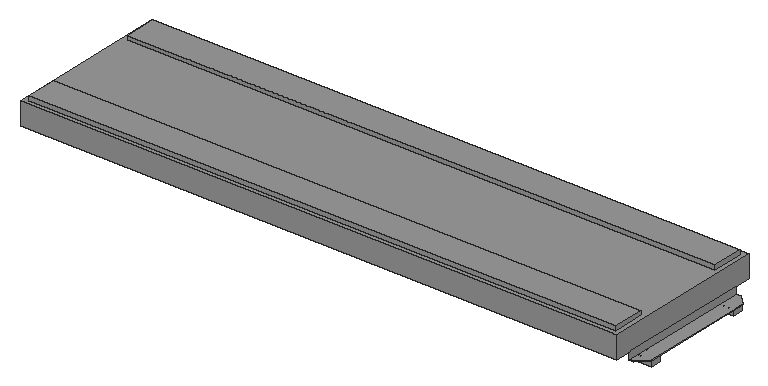
Revit family "44060", category Lighting Fixtures, host Face, Revit 2018
Family settings
  Host = Face
  Round Connector Dimension = Use Diameter
  Part Type = Normal
  OmniClass Number = 23.80.70.00
  OmniClass Title = Lighting
  Cut with Voids When Loaded = No
  Light Source = Yes
  Shared = No
  Room Calculation Point = No
Parameters (values of type "0044060 SPORTSBAY DALI 12KLM 840")
  box length = 1160 mm
  Width = 320 mm
  Weight = "n/a"
  Wattage Comments = ""
  Wattage = 9.2903 W
  WarrantyStartDate [instance] = "n/a"
  WarrantyGuarantorParts = "n/a"
  WarrantyDurationUnit = "n/a"
  WarrantyDurationParts = ""
  WarrantyDescription = "http://www.sylvania-lighting.com"
  built-in parameter 1150110 = 1 (stored number, unit not read)
  Voltage = 0 V
  URL = "0.98"
  TypeName = "Sportsbay Dali 12klm 840"
  Type Image = <None>
  Type Comments = "n/a"
  built-in parameter 1114217 = 1 (stored number, unit not read)
  Tilt Angle = -90.00°
  built-in parameter 1150109 = 1 (stored number, unit not read)
  built-in parameter 1150134 = 3
  built-in parameter 1150113 = 1 (stored number, unit not read)
  SerialNumber [instance] = "n/a"
  Photometric Web File = "0044060.IES"
  Material_3_SYL = none
  PowerFactor = 0
  PowerConsumption = "Lighting"
  NominalLength = 320 mm
  NominalHeight = 76 mm
  NominalDepth = 320 mm
  Name = "Sportsbay Dali 12klm 840"
  ModelReference = Name  # "Sportsbay Dali 12klm 840"
  ModelNumber = "0044060"
  Model = Name  # "Sportsbay Dali 12klm 840"
  Material = "Feilo Sylvania"
  ManufacturerName = "158 lm/W"
  Manufacturer = ""
  LuminousEfficacy = ""
  built-in parameter 1150105 = 109.82 (stored number, unit not read)
  Lumens = 1380 lm
  LuminaireType = "0"
  built-in parameter 1150115 = 1 (stored number, unit not read)
  LightOutputRatio = "LED"
  built-in parameter 1150137 = (empty or 0)
  built-in parameter 1150139 = (empty or 0)
  Length = 1220 mm
  LampsType = Lamp  # "n/a"
  LampNominalLuminous = "4000 K"
  LampMacAdamStep = "80"
  LampColourTemperature = "LED"
  LampColourRenderingIndex = "16500"
  built-in parameter 1150112 = 1 (stored number, unit not read)
  built-in parameter 1150114 = 1 (stored number, unit not read)
  Lamp = "n/a"
  Keynote = "n/a"
  InstallationDate [instance] = "n/a"
  InputVoltage = "0"
  InputNominalFrequency = "4000"
  built-in parameter 1150132 = (empty or 0)
  built-in parameter 1150102 = (empty or 0)
  built-in parameter 1150107 = 3200 (stored number, unit not read)
  built-in parameter 1150138 = (empty or 0)
  IngressProtection = "IfcLightFixtureType"
  ImpactProtectionIndex = "IfcLightFixtureType"
  built-in parameter 1150106 = 1.0982 (stored number, unit not read)
  IfcExportType = "IfcLightFixtureType"
  IfcExportAs = "Class I"
  Height = 76 mm
  Emit from Circle Diameter = 609.6 mm
  Emit Shape Visible in Rendering = no
  ElectricShockClassification = "158"
  built-in parameter 1150104 = 13.8 (stored number, unit not read)
  DocumentationLiterature = "http://www.sylvania-lighting.com/product/en-int/products/0044060"
  DimmingControlOptions = "n/a"
  Material_2_SYL = none
  Dimming Lamp Color Temperature Shift = <None>
  Description = ""
  Default Elevation = 1219.2 mm
  CreatedOn = "26/09/2023"
  CreatedBy = "@sylvania-lighting.com"
  Cost = 0
  Color Filter = 16777215
  built-in parameter 1114216 [instance] = (empty or 0)
  ClassificationValue = "EF_70_80"
  ClassificationName = "Uniclass2015"
  Material_1_SYL = none
  BarCode [instance] = "n/a"
  built-in parameter 1114218 = 1 (stored number, unit not read)
  built-in parameter 1150133 = 10 (stored number, unit not read)
  AssetType = "Fixed"
  AssetIdentifier [instance] = "n/a"
  Assembly Code = "D5020200"
  Apparent Load = 81 VA
  Material_4_SYL = none
Reference planes
  plane 1 "Center (Front/Back)": y = 0
  plane 2: z = 0
  plane 3 "Center (Left/Right)": x = 0
  plane 4: x = -610
  plane 5: x = 610
  plane 6: y = 160
  plane 7: y = -160
  plane 8: z = 76
  plane 9: z = 1
  plane 10: y = 130
  plane 11: y = -130
  plane 12: x = -580
  plane 13: x = -590
  plane 14: y = 110
  plane 15: y = -110
  plane 16: x = -590
  plane 17: x = -581
  plane 18: z = 11
  plane 19: z = 68
  plane 20: z = 25
  plane 21: x = 590
  plane 22: x = -608.5
  plane 23: y = 90
  plane 24: x = -583.5
  plane 25: x = -571
  plane 26: x = 571
  plane 27: y = 151
  plane 28: y = 90
Forms (mm)
  Extrusion 1, solid, material "Aluminum", detail levels medium+fine
    sketch origin (0, 0, 0) x (1, 0, 0) y (0, 1, 0)
      loop
        line (-590, 130) -> (-610, 110) -> (-610, -110) -> (-590, -130) -> (-580, -130) -> (-580, 130) -> (-590, 130)
    from 11 to 12
  Extrusion 2, solid, material "Aluminum", detail levels medium+fine
    sketch origin (0, 0, 0) x (1, 0, 0) y (0, 1, 0)
      loop
        line (-581, 130) -> (-581, -130) -> (-580, -130) -> (-580, 130) -> (-581, 130)
    from 11 to 25
  Extrusion 3, solid, material "Aluminum", detail levels medium+fine
    sketch origin (0, 0, 0) x (-1, 0, 0) y (0, -1, 0)
      loop
        line (-590, -130) -> (-580, -130) -> (-580, 130) -> (-590, 130) -> (-610, 110) -> (-610, -110) -> (-590, -130)
    from 11 to 12
  Extrusion 4, solid, material "Aluminum", detail levels medium+fine
    sketch origin (0, 0, 0) x (-1, 0, 0) y (0, -1, 0)
      loop
        line (-581, -130) -> (-580, -130) -> (-580, 130) -> (-581, 130) -> (-581, -130)
    from 11 to 25
  Extrusion 5, solid, material "Aluminum", detail levels medium+fine
    sketch origin (1524, -324.9, 1219.2) x (1, 0, 0) y (0, 0, 1)
      loop
        line (-943, -1151.2) -> (-2105, -1151.2) -> (-2105, -1194.2) -> (-943, -1194.2) -> (-943, -1151.2)
    from -484.9 to -164.9
  Extrusion 6, solid, material "Aluminum", detail levels medium+fine
    sketch origin (0, 0, 0) x (1, 0, 0) y (0, 1, 0)
      loop
        line (-608.5, 110) -> (-608.5, 90) -> (-583.5, 90) -> (-583.5, 110) -> (-608.5, 110)
    from 0 to 11
  Extrusion 7, solid, material "Aluminum", detail levels medium+fine
    sketch origin (0, 0, 0) x (1, 0, 0) y (0, 1, 0)
      loop
        line (-608.5, -110) -> (-583.5, -110) -> (-583.5, -90) -> (-608.5, -90) -> (-608.5, -110)
    from 0 to 11
  Extrusion 8, solid, material "Aluminum", detail levels medium+fine
    sketch origin (0, 0, 0) x (-1, 0, 0) y (0, -1, 0)
      loop
        line (-608.5, -110) -> (-583.5, -110) -> (-583.5, -90) -> (-608.5, -90) -> (-608.5, -110)
    from 0 to 11
  Extrusion 9, solid, material "Aluminum", detail levels medium+fine
    sketch origin (0, 0, 0) x (-1, 0, 0) y (0, -1, 0)
      loop
        line (-608.5, 110) -> (-608.5, 90) -> (-583.5, 90) -> (-583.5, 110) -> (-608.5, 110)
    from 0 to 11
  Extrusion 10, solid, material "Glass, White, High Luminance", detail levels fine
    sketch origin (0, 0, 0) x (1, 0, 0) y (0, 1, 0)
      loop
        line (-571, 151) -> (-571, 90) -> (571, 90) -> (571, 151) -> (-571, 151)
    from 68 to 76
  Extrusion 11, solid, material "Glass, White, High Luminance", detail levels fine
    sketch origin (0, 0, 0) x (1, 0, 0) y (0, 1, 0)
      loop
        line (-571, -151) -> (571, -151) -> (571, -90) -> (-571, -90) -> (-571, -151)
    from 68 to 76
  Extrusion 12, solid, detail levels coarse
    sketch origin (0, 0, 0) x (1, 0, 0) y (0, 1, 0)
      loop
        line (-610, 160) -> (-610, -160) -> (610, -160) -> (610, 160) -> (-610, 160)
    from 0 to 76
Dimensions and locks
  equal spacing: plane 4, plane 3 "Center (Left/Right)", plane 5
  equal spacing: plane 6, plane 1 "Center (Front/Back)", plane 7
  plane 3 "Center (Left/Right)" to Extrusion 5 = 581 mm
  "Length": plane 4 to plane 5
  "Width": plane 6 to plane 7
  "Height": plane 8 to level
  aligned and locked: plane 2 to host face
  aligned and locked: level to host face
Automatic sketch dimensions
  host sketch curve to host sketch curve = 2438.4 mm  (x2)
  Extrusion 1 sketch curve to plane 4 = 0 mm
  Extrusion 1 sketch curve to plane 10 = 0 mm
  Extrusion 1 sketch curve to plane 13 = 0 mm  (x2)
  Extrusion 1 sketch curve to plane 11 = 0 mm
  Extrusion 1 sketch curve to plane 12 = 0 mm
  Extrusion 1 sketch curve to plane 15 = 0 mm
  Extrusion 1 sketch curve to plane 14 = 0 mm
  Extrusion 2 sketch curve to plane 11 = 0 mm
  Extrusion 2 sketch curve to plane 17 = 0 mm
  Extrusion 2 sketch curve to plane 12 = 0 mm
  Extrusion 2 sketch curve to plane 10 = 0 mm
  Extrusion 3 sketch curve to plane 5 = 0 mm
  Extrusion 3 sketch curve to plane 10 = 0 mm
  Extrusion 3 sketch curve to plane 21 = 0 mm  (x2)
  Extrusion 3 sketch curve to plane 11 = 0 mm
  Extrusion 3 sketch curve to plane 15 = 0 mm
  Extrusion 3 sketch curve to plane 14 = 0 mm
  Extrusion 3 sketch curve to plane 26 = 9 mm
  Extrusion 4 sketch curve to plane 11 = 0 mm
  Extrusion 4 sketch curve to plane 10 = 0 mm
  plane 21 to Extrusion 4 sketch curve = 9 mm
  Extrusion 4 sketch curve to Extrusion 4 sketch curve = 1 mm
  Extrusion 5 sketch curve to plane 17 = 0 mm
  Extrusion 5 sketch curve to plane 20 = 0 mm
  Extrusion 5 sketch curve to plane 19 = 0 mm
  Extrusion 5 sketch curve to plane 21 = 9 mm
  Extrusion 6 sketch curve to plane 22 = 0 mm
  Extrusion 6 sketch curve to plane 23 = 0 mm
  Extrusion 6 sketch curve to plane 24 = 0 mm
  Extrusion 6 sketch curve to plane 14 = 0 mm
  Extrusion 7 sketch curve to plane 22 = 0 mm
  Extrusion 7 sketch curve to plane 24 = 0 mm
  Extrusion 7 sketch curve to plane 15 = 0 mm
  Extrusion 7 sketch curve to plane 15 = 20 mm
  plane 23 to Extrusion 8 sketch curve = 0 mm
  Extrusion 8 sketch curve to plane 14 = 0 mm
  plane 5 to Extrusion 8 sketch curve = 1.5 mm
  plane 21 to Extrusion 8 sketch curve = 6.5 mm
  Extrusion 9 sketch curve to plane 15 = 0 mm
  Extrusion 9 sketch curve to plane 5 = 1.5 mm
  Extrusion 9 sketch curve to plane 21 = 6.5 mm
  Extrusion 9 sketch curve to Extrusion 9 sketch curve = 20 mm
  Extrusion 10 sketch curve to plane 23 = 0 mm
  Extrusion 10 sketch curve to plane 25 = 0 mm
  Extrusion 10 sketch curve to plane 26 = 0 mm
  Extrusion 10 sketch curve to plane 27 = 0 mm
  Extrusion 11 sketch curve to plane 25 = 0 mm
  Extrusion 11 sketch curve to plane 26 = 0 mm
  Extrusion 11 sketch curve to plane 15 = 20 mm
  Extrusion 11 sketch curve to plane 7 = 9 mm
  Extrusion 12 sketch curve to plane 4 = 0 mm
  Extrusion 12 sketch curve to plane 5 = 0 mm
  Extrusion 12 sketch curve to plane 7 = 0 mm
  Extrusion 12 sketch curve to plane 6 = 0 mm
Connectors
  electrical at (0, 0, 0), driven by "Apparent Load", driven by "PowerFactor", driven by "Voltage"
    settings: index 1, voltage 0 V, apparent load 81 VA, apparent load phase1 0 VA, apparent load phase2 0 VA, apparent load phase3 0 VA, power factor 0, load classification "Lighting", number of poles 1, system type 30, power factor state 1, is connector primary yes, connector utility no, sub classification motor no, connector description ""
